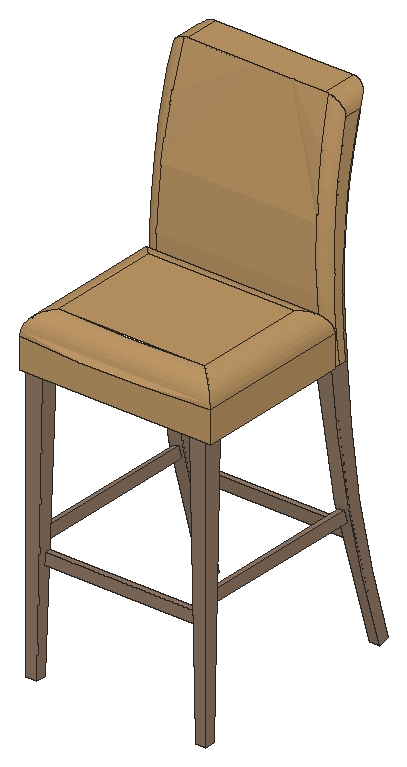
Revit family "Furniture_Chair_PALM BEACH 3.0", category Furniture, Revit 2020
Family settings
  OmniClass Number = 23.21.23.15.17
  Work Plane-Based = Yes
  Always vertical = No
  Cut with Voids When Loaded = No
  Shared = No
  Room Calculation Point = No
Parameters (values of type "PALM BEACH 3.0")
  Youtube clip = ""
  Uniformat II Description = "Movable Furnishings"
  Uniformat II Code = ""
  Uniclass 2015 Name = ""
  Uniclass 2015 Code = ""
  Uniclass 2.0 Description = ""
  Uniclass 2.0 Code = ""
  Uniclass 1.4 Description = ""
  Uniclass 1.4 Code = ""
  UNSPSC Code = ""
  Technical description = ""
  Shell Material = Fabric - Gravity - Sunni CPC20
  Frame Material = Wood - Beech - Black Walnut
  Region South America = "All"
  Region Oceania = "All"
  Region North America = "All"
  Region Middle East = "All"
  Region Europe = "All"
  Region Asia = "All"
  Region Antarctica = "All"
  Region Africa = "All"
  QR code = "https://www.sandlerseating.com/product/palm-beach-3-0/"
  Product url = "https://www.sandlerseating.com/product/palm-beach-3-0/"
  Product name = "PALM BEACH 3.0"
  Product group = "Chair"
  Product family = "Furniture"
  Product data url = "https://www.sandlerseating.com/product/palm-beach-3-0/"
  Product certification = ""
  Product SKU = "??"
  Product Guid = "??"
  OmniClass Description = ""
  OmniClass Code = "23-21 23 15 17"
  NBS Reference Description = ""
  NBS Reference Code = ""
  Model = "PALM BEACH 3.0"
  Masterformat 2014 Description = "Chair Mats"
  Masterformat 2014 Code = "12 48 43.13"
  Manufacturer name = "Sandler"
  Manufacturer country = "USA"
  Manufacturer = "Sandler"
  Installation instructions = ""
  IFC Classification = "Furnishing Element"
  GTIN code = ""
  Edition number = 1
  Design country = "Brasil"
  Description = "Chair"
  Default Elevation = 0.000 mm
  Date of publishing = ""
  COBIe Type Category = ""
  Brand url = "https://www.sandlerseating.com/"
  BIMobject main category code = "furniture"
  BIMobject main category = "Furniture"
  BIMobject category code = "furniture-chair"
  BIMobject category = "Chair"
Reference planes
  plane 1 "Center Front/Back": y = 0
  plane 2: z = 0
  plane 3 "Center Left/Right": x = 0
Forms (mm)
  SweptBlend 1, solid, material "Fabric - Gravity - Sunni CPC20" <- "Shell Material"
    path origin (0, -22.924, 0) x (0, 1, 0) y (0, 0, 1)
      loop
        arc (252.688, 1144.058) -> (179.892, 880.041) -> (170.672, 606.327) r 1166.283
    profile origin (0, 229.764, 1144.058) x (0, 0.926151, -0.377154) y (1, 0, 0)
      loop
        line (25.032, -160.593) -> (25.032, 159.343)
        arc (25.032, 159.343) -> (-12.468, 196.843) -> (-49.968, 159.343) r 37.5
        line (-49.968, 159.343) -> (-49.968, -160.593)
        arc (-49.968, -160.593) -> (-12.468, -198.093) -> (25.032, -160.593) r 37.5
    end profile origin (0, 147.748, 606.327) x (0, 0.996473, 0.08391) y (1, 0, 0)
      loop
        line (24.004, -185.435) -> (24.004, 186.907)
        arc (24.004, 186.907) -> (-0.996, 211.907) -> (-25.996, 186.907) r 25
        line (-25.996, 186.907) -> (-25.996, -185.435)
        arc (-25.996, -185.435) -> (-0.996, -210.435) -> (24.004, -185.435) r 25
  Extrusion 2, void
    sketch origin (0, -22.924, 0) x (1, 0, 0) y (0, 0, 1)
      loop
        line (-210.581, 604.685) -> (-193.956, 1080.764)
        arc (-193.956, 1080.764) -> (-181.766, 1108.142) -> (-153.98, 1119.368) r 40
        line (-153.98, 1119.368) -> (153.98, 1119.368)
        arc (153.98, 1119.368) -> (181.766, 1108.142) -> (193.956, 1080.764) r 40
        line (193.956, 1080.764) -> (210.581, 604.685) -> (250.581, 604.685) -> (250.581, 1184.685) -> (-245.581, 1184.685) -> (-245.581, 604.685) -> (-210.581, 604.685)
    from -290.765 to -117.39
  Extrusion 3, solid, material "Fabric - Gravity - Sunni CPC20" <- "Shell Material"
    sketch origin (0, -22.924, 840) x (-1, 0, 0) y (0, -1, 0)
      loop
        line (211.903, -144.767) -> (211.903, 201.983)
        arc (211.903, 201.983) -> (0, 211.911) -> (-211.903, 201.983) r 2266.401
        line (-211.903, 201.983) -> (-211.903, -144.767) -> (211.903, -144.767)
    from -230.632 to -111.651
  Sweep 4, void
    path in 3D
      loop
        line (-211.903, -224.906, 728.349) -> (-211.903, 121.844, 728.349) -> (211.903, 121.844, 728.349) -> (211.903, -224.906, 728.349)
        arc (211.903, -224.906, 728.349) -> (0, -234.834, 728.349) -> (-211.903, -224.906, 728.349) r 2266.401
    profile origin (0, -234.834, 728.349) x (0, -1, 0) y (0, 0, 1)
      loop
        line (0, 0) -> (-50, 0)
        arc (-50, 0) -> (-14.645, -14.645) -> (0, -50) r 50
        line (0, -50) -> (0, 0)
  Extrusion 5, void
    sketch origin (0, -22.924, 0) x (0, 1, 0) y (0, 0, 1)
      loop
        line (133.193, 609.368) -> (133.193, 599.368) -> (208.193, 599.368) -> (208.193, 609.368) -> (133.193, 609.368)
    from -225.633 to 220.543
  SweptBlend 6, solid, material "Wood - Beech - Black Walnut" <- "Frame Material"
    path origin (0, -27.655, 2.393) x (0, 1, 0) y (0, 0, 1)
      loop
        arc (171.051, 621.262) -> (216.053, 301.253) -> (301.426, -10.424) r 2533.419
    profile origin (0, 143.396, 623.655) x (0, 0.997122, 0.075817) y (1, 0, 0)
      loop
        line (21.285, -199.292) -> (21.285, -161.678) -> (-18.715, -161.678) -> (-18.715, -199.292) -> (21.285, -199.292)
    end profile origin (0, 273.771, -8.031) x (0, 0.945659, 0.325159) y (1, 0, 0)
      loop
        line (8.879, -199.07) -> (8.879, -175.254) -> (-13.313, -175.254) -> (-13.313, -199.07) -> (8.879, -199.07)
  SweptBlend 7, solid, material "Wood - Beech - Black Walnut" <- "Frame Material"
    path origin (-0.345, -26.41, 5.249) x (0, 1, 0) y (0, 0, -1)
      loop
        arc (171.051, -621.262) -> (216.053, -301.253) -> (301.426, 10.424) r 2533.419
    profile origin (-0.345, 144.641, 626.511) x (0, -0.997122, -0.075817) y (-1, 0, 0)
      loop
        line (-21.285, -200.158) -> (18.715, -200.158) -> (18.715, -162.544) -> (-21.285, -162.544) -> (-21.285, -200.158)
    end profile origin (-0.345, 275.016, -5.175) x (0, -0.945659, -0.325159) y (-1, 0, 0)
      loop
        line (-8.879, -199.936) -> (13.313, -199.936) -> (13.313, -176.12) -> (-8.879, -176.12) -> (-8.879, -199.936)
  Blend 8, solid, material "Wood - Beech - Black Walnut" <- "Frame Material"
    base sketch origin (0, -22.924, 840) x (-1, 0, 0) y (0, -1, 0)
      loop
        line (200.269, 161.922) -> (200.269, 199.293) -> (163.404, 199.293) -> (163.404, 161.922) -> (200.269, 161.922)
    top sketch origin (0, -22.924, 840) x (-1, 0, 0) y (0, -1, 0)
      loop
        line (177.265, 176.67) -> (200.269, 176.67) -> (200.269, 199.293) -> (177.265, 199.293) -> (177.265, 176.67)
    from -230.632 to -840
  Blend 9, solid, material "Wood - Beech - Black Walnut" <- "Frame Material"
    base sketch origin (0, -22.924, 840) x (1, 0, 0) y (0, 1, 0)
      loop
        line (200.269, -161.922) -> (163.404, -161.922) -> (163.404, -199.293) -> (200.269, -199.293) -> (200.269, -161.922)
    top sketch origin (0, -22.924, 840) x (1, 0, 0) y (0, 1, 0)
      loop
        line (177.265, -176.67) -> (177.265, -199.293) -> (200.269, -199.293) -> (200.269, -176.67) -> (177.265, -176.67)
    from -230.632 to -840
  Extrusion 10, solid, material "Wood - Beech - Black Walnut" <- "Frame Material"
    sketch origin (0, -22.924, 0) x (1, 0, 0) y (0, 0, 1)
      loop
        line (178.477, 294.255) -> (178.477, 267.063) -> (188.151, 267.063) -> (188.151, 294.255) -> (178.477, 294.255)
      loop
        line (-178.477, 294.255) -> (-188.151, 294.255) -> (-188.151, 267.063) -> (-178.477, 267.063) -> (-178.477, 294.255)
    from -219.895 to 174.048
  Extrusion 11, solid, material "Wood - Beech - Black Walnut" <- "Frame Material"
    sketch origin (0, -22.924, 0) x (0, 1, 0) y (0, 0, 1)
      loop
        line (232.7, 251.601) -> (222.883, 249.693) -> (228.841, 219.045) -> (238.657, 220.953) -> (232.7, 251.601)
    from -178.477 to 178.477
  Extrusion 12, solid, material "Wood - Beech - Black Walnut" <- "Frame Material"
    sketch origin (0, -22.924, 0) x (0, 1, 0) y (0, 0, 1)
      loop
        line (-184.288, 253.671) -> (-184.288, 227.175) -> (-172.76, 227.175) -> (-172.76, 253.671) -> (-184.288, 253.671)
    from -178.477 to 178.477
Cuts and joins
  Extrusion 2, Extrusion 5 cuts SweptBlend 1
  Sweep 4 cuts Extrusion 3
Lines and regions (mm)
  sketch lines
    curve 1: arc (211.903, -224.906, 728.349) -> (0, -234.834, 728.349) -> (-211.903, -224.906, 728.349) r 2266.401
    curve 2: line (211.903, -224.906, 728.349) -> (211.903, 121.844, 728.349)
    curve 3: line (211.903, 121.844, 728.349) -> (-211.903, 121.844, 728.349)
    curve 4: line (-211.903, 121.844, 728.349) -> (-211.903, -224.906, 728.349)
Dimensions and locks
  aligned and locked: level to plane 2
